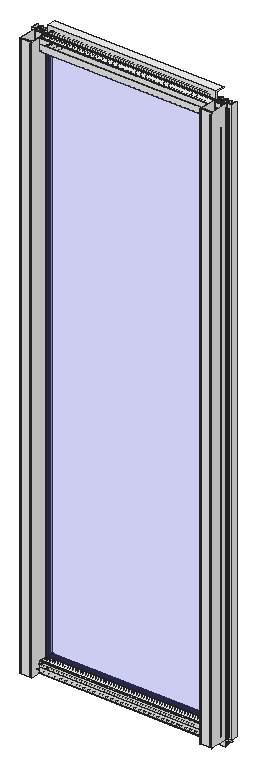
Revit family "Facade_60_Curtain_Wall_S11_Custom", category Windows, host Wall, Revit 2014
Parameters (values of type "F60-S11-Custom")
  Windload Design [instance] = if(Custom Windload < 1001 mm, 1000 mm, if(Custom Windload < 1501 mm, 1500 mm, 2000 mm))  # 1000 mm
  Width [instance] = if(Custom Curtain Wall Width < Limit Door Width Min, Limit Door Width Min, if(Custom Curtain Wall Width > Limit Door Width Max, Limit Door Width Max, Custom Curtain Wall Width))  # 1000 mm
  Wall Thickness [instance] = 200 mm
  Vertical Profile Length [instance] = Height - Frame Bottom Gap  # 2970 mm
  URL = "http://www.crealco.co.za/crealco-products.php"
  Type Comments = ""
  Thermal Resistance (R) [instance] = if(IGDB or SAGDB Number = 100100, 1.0000 (m²·K)/W / Intruderprufe U Value, if(IGDB or SAGDB Number = 100100, 1.0000 (m²·K)/W / Intruderprufe U Value, if(IGDB or SAGDB Number = 105003, 1.0000 (m²·K)/W / Intruderprufe Insulated U Value, if(IGDB or SAGDB Number = 105004, 1.0000 (m²·K)/W / Intruderprufe Insulated LowE U Value, 1.0000 (m²·K)/W / 7.9)))) * 1  # 0.126582 (m²·K)/W
  Thermal Break Material = Plastic, Opaque Black
  Solar Heat Gain Coefficient [instance] = if(IGDB or SAGDB Number = 100100, Intruderprufe SHGC Value, if(IGDB or SAGDB Number = 103200, Intruderprufe LowE SHGC Value, if(IGDB or SAGDB Number = 105003, Intruderprufe Insulated SHGC Value, if(IGDB or SAGDB Number = 105004, Intruderprufe Insulated LowE SHGC Value, 0))))  # 0
  Single Glazing [instance] = if(DG Forced, 1 = 0, not(Double Glazing))  # yes
  Sill Height = 85 mm  # constant formula
  SG Forced [instance] = not(DG Forced)  # yes
  Quarter Expansion Break = no
  Overall Width [instance] = 1000 mm
  Overall Height [instance] = 3000 mm
  Mullion Configuration = 1 mm
  Model = "Facade 60"
  Max System DG Unit Thickness = 25 mm  # constant formula
  Max System DG One Piece Thickness [instance] = rounddown((Max System DG Unit Thickness - DG Gasket Thickness) / 2 mm) * 1 mm  # 6 mm
  Max Pane Area [instance] = Glazing Width * Glazing Height  # 2.66032 m²
  Manufacturer = "Crealco"
  Limit Door Width Min = Limit Panel Width Min + (2 * Glazing Side Gap)  # 379.6 mm
  Limit Door Width Max = Limit Panel Width Max + (2 * Glazing Side Gap)  # 3079.6 mm
  Limit Door Height Min = Limit Panel Height Min + Glazing Top Gap + Glazing Bottom Gap  # 409.6 mm
  Limit Door Height Max = Limit Panel Height Max + Glazing Top Gap + Glazing Bottom Gap  # 6109.6 mm
  Limit Panel Width Min = 300 mm  # constant formula
  Limit Panel Width Max = 3000 mm  # constant formula
  Limit Panel Height Min = 300 mm  # constant formula
  Limit Panel Height Max = 6000 mm  # constant formula
  Sill Length [instance] = Width  # 1000 mm
  Length Sill [instance] = Width  # 1000 mm
  Keynote = ""
  Jamb Width = 60 mm  # constant formula
  Intruderprufe U Value = 0
  Intruderprufe SHGC Value = 0
  Intruderprufe LowE U Value = 0
  Intruderprufe LowE SHGC Value = 0
  Intruderprufe Insulated U Value = 0
  Intruderprufe Insulated SHGC Value = 0
  Intruderprufe Insulated LowE U Value = 0
  Intruderprufe Insulated LowE SHGC Value = 0
  Horizontal Profile Length [instance] = Width - (2 * Jamb Width)  # 880 mm
  Half Expansion Break = no
  Glazing Width [instance] = Horizontal Profile Length + (2 mm * 20.2)  # 920.4 mm
  Glazing Top Gap = 39.8 mm  # constant formula
  Glazing Side Gap = 39.8 mm  # constant formula
  Glazing Height [instance] = Height - Glazing Top Gap - Glazing Bottom Gap  # 2890.4 mm
  Glazing Gap SG [instance] = (14 mm - SG Thickness) / 2  # 3.8 mm
  Glazing Gap DG [instance] = (28 mm - (DG Thickness + DG Thickness + DG Gasket Thickness)) / 2  # 3 mm
  Glazing Bottom Gap = 69.8 mm  # constant formula
  Frame Thickness = 101.8 mm  # constant formula
  Frame Bottom Gap = 30 mm  # constant formula
  Door Leaf Height [instance] = 2050 mm
  Double Glazing [instance] = no
  DG Thickness Calc [instance] = if(not(Max Pane Area > 1.125 m²), 4 mm, if(not(Max Pane Area > 2.25 m²), 4 mm, if(not(Max Pane Area > 3.15 m²), 5 mm, if(not(Max Pane Area > 4.35 m²), 6 mm, if(not(Max Pane Area > 6.45 m²), 8 mm, 10 mm)))))  # 5 mm
  DG Thickness [instance] = if(IGDB or SAGDB Number = 105003, 6 mm, if(IGDB or SAGDB Number = 105004, 7 mm, if(DG Thickness Calc > Max System DG One Piece Thickness, Max System DG One Piece Thickness, DG Thickness Calc)))  # 5 mm
  DG Gasket Thickness = 12 mm  # constant formula
  DG Gasket Finish [instance] = Double Glazing Gasket Material
  DG Forced [instance] = if(IGDB or SAGDB Number = 100100, 1 = 0, if(IGDB or SAGDB Number = 103200, 1 = 0, if(IGDB or SAGDB Number = 105003, 1 = 1, if(IGDB or SAGDB Number = 105004, 1 = 1, Double Glazing))))  # no
  IGDB or SAGDB Number [instance] = 0
  Height [instance] = if(Custom Curtain Wall Height < Limit Door Height Min, Limit Door Height Min, if(Custom Curtain Wall Height > Limit Door Height Max, Limit Door Height Max, Custom Curtain Wall Height))  # 3000 mm
  Heat Transfer Coefficient (U) [instance] = if(IGDB or SAGDB Number = 100100, Intruderprufe U Value, if(IGDB or SAGDB Number = 103200, Intruderprufe LowE U Value, if(IGDB or SAGDB Number = 105003, Intruderprufe Insulated U Value, if(IGDB or SAGDB Number = 105004, Intruderprufe Insulated LowE U Value, 7.9)))) * 1.0000 W/(m²·K)  # 7.9000 W/(m²·K)
  SG Thickness [instance] = if(IGDB or SAGDB Number = 100100, 6 mm, if(IGDB or SAGDB Number = 103200, 7 mm, if(not(Max Pane Area > 0.75 m²), 4 mm, if(not(Max Pane Area > 1.50 m²), 4 mm, if(not(Max Pane Area > 2.10 m²), 5 mm, if(not(Max Pane Area > 2.90 m²), 6.4 mm, if(not(Max Pane Area > 4.30 m²), 8 mm, 10 mm)))))))  # 6.4 mm
  Glazing Material [instance] = if(IGDB or SAGDB Number = 100100, "PFG INTRUDERPRUFE 6.38mm", if(IGDB or SAGDB Number = 103200, "PFG INTRUDERPRUFE LOW-E 7.38mm", if(IGDB or SAGDB Number = 105003, "PFG 25mm INTRUDERPRUFE INSULATED GLASS", if(IGDB or SAGDB Number = 105004, "PFG 25mm INTRUDERPRUFE INSULATED GLASS LOW-E", "Unknown"))))  # "Unknown"
  Glazing Finish [instance] = Glass
  Glazing Code [instance] = if(IGDB or SAGDB Number = 100100, "LAM01", if(IGDB or SAGDB Number = 103200, "LAM01E", if(IGDB or SAGDB Number = 105003, "IGU25", if(IGDB or SAGDB Number = 105004, "IGU25E", "Unknown"))))  # "Unknown"
  Frame Offset From Exterior [instance] = if(Centered In Wall, (Wall Thickness - Frame Thickness) / 2, Custom Offset From Exterior) + 5.9 mm  # 55 mm
  Description = "Curtain Wall, S11"
  Default Sill Height = 0 mm
  Wall Closure = By host
  Custom Curtain Wall Width [instance] = 1000 mm
  Custom Curtain Wall Height [instance] = 3000 mm
  Custom Windload [instance] = 1000 mm
  Custom Offset From Exterior [instance] = 0 mm
  Centered In Wall [instance] = yes
  Aluminium Finish [instance] = White Powder Coated Aluminium ANP 1052
  All Available Glazing Numbers [instance] = "The rows below list the available glazing materials for this window:"  # constant formula
  190mm Mullion = if(Mullion Configuration = 3 mm, 1 = 1, 1 = 0)  # no
  160mm Mullion = if(Mullion Configuration = 2 mm, 1 = 1, 1 = 0)  # no
  105004 [instance] = "IGU25E"  # constant formula
  105003 [instance] = "IGU25"  # constant formula
  103200 [instance] = "LAM01E"  # constant formula
  100mm Mullion = if(or(Mullion Configuration = 2 mm, Mullion Configuration = 3 mm), 1 = 0, 1 = 1)  # yes
  100100 [instance] = "LAM01"  # constant formula
Reference planes
  plane 1 "Center (Front/Back)": y = 0
  plane 2 "Center (Left/Right)": x = 0
  plane 3 "Left": x = -500
  plane 4 "Right": x = 500
  plane 5 "Sill": z = 0
  plane 6 "Head": z = 3000
  plane 7 "Exterior": y = 100
  plane 8 "Interior": y = -100
Lines and regions (mm)
  Opening 1
    outline origin (3507.082, -100, 0) x (1, 0, 0) y (0, 0, 1)
      loop
        line (-3007.082, 0) -> (-3007.082, 3000) -> (-4007.082, 3000) -> (-4007.082, 0) -> (-3007.082, 0)
Text (mm)
  text "EXTERIOR" at (-1963.203, 1332.353, 0), in view "Ref. Level"
  text "INTERIOR" at (-1981.466, -818.386, 0), in view "Ref. Level"
  text "Exterior" at (0, 923.751, 2943.296), in view "Right"
  text "Exterior" at (0, 1040.484, 2685.409), in view "Left"
Dimensions and locks
  equal spacing: plane 3 "Left", plane 2 "Center (Left/Right)", plane 4 "Right"
  "Width": plane 3 "Left" to plane 4 "Right"
  "Height": plane 5 "Sill" to plane 6 "Head"
  "Default Sill Height": plane 5 "Sill" to level
  locked: plane 7 "Exterior" to host wall at 0
  locked: plane 8 "Interior" to host wall
  "Overall Height": plane 6 "Head" to plane 5 "Sill"
  "Overall Width": plane 3 "Left" to plane 4 "Right"
  "Wall Thickness": host wall to host wall
  "Jamb Width": nested 3 to plane 4 "Right"
  "Jamb Width": nested 5 to plane 4 "Right"
  "Frame Bottom Gap": nested 5 to level
  "Frame Offset From Exterior": nested 1 to plane 7 "Exterior"
  "Glazing Side Gap": nested 6 to plane 4 "Right"
  "Glazing Top Gap": nested 6 to plane 6 "Head"
  "Glazing Gap SG": nested 6 to nested 1
  "Glazing Side Gap": nested 7 to plane 4 "Right"
  "Glazing Top Gap": nested 7 to plane 6 "Head"
  "Glazing Gap DG": nested 7 to nested 1
  locked: nested 1 to nested 5 at 8.887
  aligned and locked: plane 4 "Right" to nested 1
  aligned and locked: nested 1 to plane 6 "Head"
  aligned and locked: plane 3 "Left" to nested 2
  aligned and locked: plane 6 "Head" to nested 2
  aligned and locked: nested 3 to plane 6 "Head"
  aligned and locked: nested 1 to nested 3
  aligned and locked: nested 4 to level
  aligned and locked: plane 4 "Right" to nested 4
  aligned and locked: nested 1 to nested 2
  aligned and locked: nested 5 to nested 4
Automatic sketch dimensions
  plane 3 "Left" to Opening 1 sketch curve = 0 mm
  plane 4 "Right" to Opening 1 sketch curve = 0 mm
  Opening 1 sketch curve to plane 5 "Sill" = 0 mm
  Opening 1 sketch curve to plane 6 "Head" = 0 mm
Nested families
  nested 1: "F60 Vertical Profile Side_S11_Cust" at (500, -1.058, 30) x (-1, 0, 0) z (0, 0, 1), Thermal Break Material <- "Thermal Break Material", Profile Material <- "Aluminium Finish", Length <- "Vertical Profile Length", Single Glazing <- "SG Forced", Double Glazing <- "DG Forced", 100mm Mullion <- "100mm Mullion", 160mm Mullion <- "160mm Mullion", 190mm Mullion <- "190mm Mullion", Quarter Expansion Break <- "Quarter Expansion Break", Half Expansion Break <- "Half Expansion Break", type "F60 Vertical Profile Side_S11_Cust"
    with Thermal Break Material Plastic, Opaque Black, Single Glazing yes, Quarter SG Expansion Break no, Quarter Length 742.5 mm, Quarter Expansion Break no, Quarter DG Expansion Break no, Quarter 190mm Expansion Break no, Quarter 160mm Expansion Break no, Quarter 100mm Expansion Break no, Profile Material White Powder Coated Aluminium ANP 1052, Length 2970 mm, Half SG Expansion Break no, Half Length 1485 mm, Half Expansion Break no, Half DG Expansion Break no, Half 190mm Expansion Joint no, Half 160mm Expansion Break no, Half 100mm Expansion Break no, Double Glazing no, 190mm Mullion no, 160mm Mullion no, 100mm Mullion yes
  nested 2: "F60 Vertical Profile Side_S11_Cust" at (-500, -1.058, 30), Thermal Break Material <- "Thermal Break Material", Profile Material <- "Aluminium Finish", Length <- "Vertical Profile Length", Single Glazing <- "SG Forced", Double Glazing <- "DG Forced", 100mm Mullion <- "100mm Mullion", 160mm Mullion <- "160mm Mullion", 190mm Mullion <- "190mm Mullion", Quarter Expansion Break <- "Quarter Expansion Break", Half Expansion Break <- "Half Expansion Break", type "F60 Vertical Profile Side_S11_Cust"
    with Thermal Break Material Plastic, Opaque Black, Single Glazing yes, Quarter SG Expansion Break no, Quarter Length 742.5 mm, Quarter Expansion Break no, Quarter DG Expansion Break no, Quarter 190mm Expansion Break no, Quarter 160mm Expansion Break no, Quarter 100mm Expansion Break no, Profile Material White Powder Coated Aluminium ANP 1052, Length 2970 mm, Half SG Expansion Break no, Half Length 1485 mm, Half Expansion Break no, Half DG Expansion Break no, Half 190mm Expansion Joint no, Half 160mm Expansion Break no, Half 100mm Expansion Break no, Double Glazing no, 190mm Mullion no, 160mm Mullion no, 100mm Mullion yes
  nested 3: "F60 Horizontal Profile Top_S11_Cust" at (440, -50.858, 2940) x (-1, 0, 0) z (0, 0, 1), Thermal Break Material <- "Thermal Break Material", Profile Material <- "Aluminium Finish", Length <- "Horizontal Profile Length", Single Glazing <- "SG Forced", Double Glazing <- "DG Forced", type "F60 Horizontal Profile Top_S11_Cust"
    with Thermal Break Material Plastic, Opaque Black, Single Glazing yes, Profile Material White Powder Coated Aluminium ANP 1052, Length 880 mm, Double Glazing no
  nested 4: "F60 Sill_S11_Cust" at (500, -13.486, -1.88) x (-1, 0, 0) z (0, 0, 1), Profile Material <- "Aluminium Finish", Length Sill <- "Length Sill", type "F60 Sill_S11_Cust"
    with Profile Material White Powder Coated Aluminium ANP 1052, Length Sill 1000 mm
  nested 5: "F60 Horizontal Profile Bottom_S11_Cust" at (440, -50.858, 30) x (-1, 0, 0) z (0, 0, 1), Thermal Break Material <- "Thermal Break Material", Profile Material <- "Aluminium Finish", Length <- "Horizontal Profile Length", Single Glazing <- "SG Forced", Double Glazing <- "DG Forced", type "F60 Horizontal Profile Bottom_S11_Cust"
    with Thermal Break Material Plastic, Opaque Black, Single Glazing yes, Profile Material White Powder Coated Aluminium ANP 1052, Length 880 mm, Double Glazing no
  nested 6: "F60_Single_Glazing_S11_Cust" at (460.2, 9.142, 69.8), Glazing Width <- "Glazing Width", Glazing Height <- "Glazing Height", SG Thickness <- "SG Thickness", Glazing Finish <- "Glazing Finish", visible <- "SG Forced", type "F60_Single_Glazing_S11_Cust"
    with SG Thickness 6.4 mm, Glazing Width 920.4 mm, Glazing Height 2890.4 mm, Glazing Finish Glass
  nested 7: "F60_Double_Glazing_S11_Cust" at (460.2, 23.942, 69.8), Glazing Material <- "Glazing Finish", Double Glazing Gasket Material <- "DG Gasket Finish", Glazing Width <- "Glazing Width", Glazing Height <- "Glazing Height", Glazing Thickness DG <- "DG Thickness", Double Glazing Gasket Thickness <- "DG Gasket Thickness", visible <- "DG Forced", type "F60_Double_Glazing_S11_Cust"
    with Glazing Width 920.4 mm, Glazing Thickness DG 5 mm, Glazing Material Glass, Glazing Height 2890.4 mm, Double Glazing Gasket Thickness 12 mm, Double Glazing Gasket Material Double Glazing Gasket Material
Definition of nested family "F60 Vertical Profile Side_S11_Cust"
  Parameters (values of type "F60 Vertical Profile Side")
    Quarter SG Expansion Break [instance] = if(and(Quarter Expansion Break, Single Glazing), 1 = 1, 1 = 0)  # yes
    Quarter Length [instance] = Length / 4  # 62.5 mm
    Thermal Break Material [instance] = none
    Single Glazing [instance] = yes
    Quarter Expansion Break [instance] = yes
    Quarter DG Expansion Break [instance] = if(and(Quarter Expansion Break, Double Glazing), 1 = 1, 1 = 0)  # yes
    Quarter 190mm Expansion Break [instance] = if(and(Quarter Expansion Break, [190mm Mullion]), 1 = 1, 1 = 0)  # yes
    Quarter 160mm Expansion Break [instance] = if(and(Quarter Expansion Break, [160mm Mullion]), 1 = 1, 1 = 0)  # yes
    Quarter 100mm Expansion Break [instance] = if(and(Quarter Expansion Break, [100mm Mullion]), 1 = 1, 1 = 0)  # yes
    Profile Material [instance] = none
    Length [instance] = 250 mm
    Half SG Expansion Break [instance] = if(and(Half Expansion Break, Single Glazing), 1 = 1, 1 = 0)  # yes
    Half Length [instance] = Length / 2  # 125 mm
    Half Expansion Break [instance] = yes
    Half DG Expansion Break [instance] = if(and(Half Expansion Break, Double Glazing), 1 = 1, 1 = 0)  # yes
    Half 190mm Expansion Joint [instance] = if(and(Half Expansion Break, [190mm Mullion]), 1 = 1, 1 = 0)  # yes
    Half 160mm Expansion Break [instance] = if(and(Half Expansion Break, [160mm Mullion]), 1 = 1, 1 = 0)  # yes
    Half 100mm Expansion Break [instance] = if(and(Half Expansion Break, [100mm Mullion]), 1 = 1, 1 = 0)  # yes
    Double Glazing [instance] = yes
    190mm Mullion [instance] = yes
    160mm Mullion [instance] = yes
    100mm Mullion [instance] = yes
  Reference planes
    plane 1 "Center (Front/Back)": y = 0
    plane 2: z = 0
    plane 3 "Center (Left/Right)": x = 0
  Forms (mm)
    Extrusion 1, solid, material <- "Profile Material"
      sketch origin (0, 0, 0) x (1, 0, 0) y (0, 1, 0)
        loop
          arc (25.249, -8.7) -> (25.484, -9.266) -> (26.049, -9.5) r 0.8
          line (26.049, -9.5) -> (27.1, -9.5) -> (27.1, 7) -> (32.902, 7) -> (32.902, -9.5) -> (33.951, -9.5)
          arc (33.951, -9.5) -> (34.516, -9.266) -> (34.751, -8.7) r 0.8
          line (34.751, -8.7) -> (34.751, 6.2)
          arc (34.751, 6.2) -> (34.985, 6.766) -> (35.551, 7) r 0.8
          line (35.551, 7) -> (52.1, 7) -> (52.1, 5.4) -> (50.55, 5.4) -> (50.55, 4.55)
          arc (50.55, 4.55) -> (50.726, 4.126) -> (51.15, 3.95) r 0.6
          line (51.15, 3.95) -> (52.1, 3.95) -> (52.1, 1)
          arc (52.1, 1) -> (51.6, 0.5) -> (52.1, 0) r 0.5
          line (52.1, 0) -> (54.45, 0) -> (54.45, 1.15) -> (53.3, 1.15) -> (53.3, 2.45) -> (58.8, 2.45) -> (58.8, 1.15) -> (57.65, 1.15) -> (57.65, 0) -> (59.5, 0)
          arc (59.5, 0) -> (59.854, 0.146) -> (60, 0.5) r 0.5
          line (60, 0.5) -> (60, 3.9) -> (53.55, 3.9) -> (53.55, 7.6)
          arc (53.55, 7.6) -> (53.316, 8.166) -> (52.75, 8.4) r 0.8
          line (52.75, 8.4) -> (30, 8.4) -> (7.25, 8.4)
          arc (7.25, 8.4) -> (6.684, 8.166) -> (6.45, 7.6) r 0.8
          line (6.45, 7.6) -> (6.45, 3.9) -> (0, 3.9) -> (0, 0.5)
          arc (0, 0.5) -> (0.146, 0.146) -> (0.5, 0) r 0.5
          line (0.5, 0) -> (2.35, 0) -> (2.35, 1.15) -> (1.2, 1.15) -> (1.2, 2.45) -> (6.7, 2.45) -> (6.7, 1.15) -> (5.55, 1.15) -> (5.55, 0) -> (7.9, 0)
          arc (7.9, 0) -> (8.4, 0.5) -> (7.9, 1) r 0.5
          line (7.9, 1) -> (7.9, 3.95) -> (8.85, 3.95)
          arc (8.85, 3.95) -> (9.274, 4.126) -> (9.45, 4.55) r 0.6
          line (9.45, 4.55) -> (9.45, 5.4) -> (7.9, 5.4) -> (7.9, 7) -> (24.449, 7)
          arc (24.449, 7) -> (25.015, 6.766) -> (25.249, 6.2) r 0.8
          line (25.249, 6.2) -> (25.249, -8.7)
      from 0 to 250 <- "Length"
    Extrusion 2, solid, material <- "Thermal Break Material"
      sketch origin (0, 0, 0) x (1, 0, 0) y (0, 1, 0)
        loop
          line (1.75, 9.8) -> (1.75, 5.2) -> (0, 5.2) -> (0, 3.9) -> (6.35, 3.9) -> (6.35, 7.856)
          arc (6.35, 7.856) -> (6.526, 8.281) -> (6.95, 8.456) r 0.6
          line (6.95, 8.456) -> (30, 8.456) -> (53.05, 8.456)
          arc (53.05, 8.456) -> (53.474, 8.281) -> (53.65, 7.856) r 0.6
          line (53.65, 7.856) -> (53.65, 3.9) -> (60, 3.9) -> (60, 5.2) -> (58.25, 5.2) -> (58.25, 9.8) -> (30, 9.8) -> (1.75, 9.8)
      from 0 to 250 <- "Length"
    Extrusion 3, solid, material <- "Thermal Break Material", visible <- "Single Glazing"
      sketch origin (0, 0, 0) x (1, 0, 0) y (0, 1, 0)
        loop
          line (25.749, -14.011) -> (27.672, -14.011) -> (28.481, -12.611) -> (31.518, -12.611) -> (32.327, -14.011) -> (34.249, -14.011)
          arc (34.249, -14.011) -> (34.603, -13.864) -> (34.749, -13.511) r 0.5
          line (34.749, -13.511) -> (34.749, -10.011)
          arc (34.749, -10.011) -> (34.603, -9.657) -> (34.249, -9.511) r 0.5
          line (34.249, -9.511) -> (32.352, -9.511) -> (32.352, 0.19) -> (31.349, 2.261)
          arc (31.349, 2.261) -> (29.999, 2.986) -> (28.649, 2.261) r 1.62
          line (28.649, 2.261) -> (27.647, 0.19) -> (27.647, -9.511) -> (25.749, -9.511)
          arc (25.749, -9.511) -> (25.396, -9.657) -> (25.249, -10.011) r 0.5
          line (25.249, -10.011) -> (25.249, -13.511)
          arc (25.249, -13.511) -> (25.396, -13.864) -> (25.749, -14.011) r 0.5
        loop
          line (28.504, -10.005) -> (28.504, -10.861)
          arc (28.504, -10.861) -> (28.651, -11.214) -> (29.004, -11.361) r 0.5
          line (29.004, -11.361) -> (30.994, -11.361)
          arc (30.994, -11.361) -> (31.348, -11.214) -> (31.494, -10.861) r 0.5
          line (31.494, -10.861) -> (31.494, -10.005) -> (30.708, -9.219)
          arc (30.708, -9.219) -> (30.383, -9.001) -> (29.999, -8.924) r 1.007
          arc (29.999, -8.924) -> (29.616, -8.999) -> (29.292, -9.217) r 0.986
          line (29.292, -9.217) -> (28.504, -10.005)
        loop
          arc (30.896, 1.935) -> (29.887, 2.44) -> (29.005, 1.735) r 1.047
          line (29.005, 1.735) -> (28.347, 0.374) -> (28.347, -6.993)
          arc (28.347, -6.993) -> (28.583, -7.417) -> (29.068, -7.441) r 0.5
          arc (29.068, -7.441) -> (29.999, -7.223) -> (30.93, -7.441) r 2.099
          arc (30.93, -7.441) -> (31.416, -7.417) -> (31.652, -6.993) r 0.5
          line (31.652, -6.993) -> (31.652, 0.374) -> (30.896, 1.935)
      from 0 to 250 <- "Length"
    Extrusion 4, solid, material <- "Profile Material", visible <- "Single Glazing"
      sketch origin (0, 0, 0) x (1, 0, 0) y (0, 1, 0)
        loop
          line (52.693, -14.011) -> (32.327, -14.011) -> (31.519, -12.611) -> (28.481, -12.611) -> (27.673, -14.011) -> (7.307, -14.011) -> (7.307, -15.011) -> (8.457, -15.011) -> (8.457, -16.261) -> (2.957, -16.261) -> (2.957, -15.011) -> (4.107, -15.011) -> (4.107, -14.011) -> (1.707, -14.011)
          arc (1.707, -14.011) -> (1.199, -14.293) -> (1.168, -14.873) r 0.6
          line (1.168, -14.873) -> (2.093, -16.772) -> (1.015, -17.298) -> (1.484, -18.261) -> (11.488, -18.261)
          arc (11.488, -18.261) -> (11.913, -18.085) -> (12.088, -17.661) r 0.6
          line (12.088, -17.661) -> (12.088, -16.811) -> (47.912, -16.811) -> (47.912, -17.661)
          arc (47.912, -17.661) -> (48.088, -18.085) -> (48.512, -18.261) r 0.6
          line (48.512, -18.261) -> (58.518, -18.261) -> (58.987, -17.298) -> (57.908, -16.772) -> (58.834, -14.874)
          arc (58.834, -14.874) -> (58.802, -14.293) -> (58.293, -14.011) r 0.6
          line (58.293, -14.011) -> (55.893, -14.011) -> (55.893, -15.011) -> (57.043, -15.011) -> (57.043, -16.261) -> (51.543, -16.261) -> (51.543, -15.011) -> (52.693, -15.011) -> (52.693, -14.011)
      from 0 to 250 <- "Length"
    Extrusion 5, solid, material <- "Profile Material", visible <- "Single Glazing"
      sketch origin (0, 0, 0) x (1, 0, 0) y (0, 1, 0)
        loop
          line (2.801, -18.261) -> (1.484, -18.261) -> (1.015, -17.298) -> (2.093, -16.772) -> (0.779, -14.076)
          arc (0.779, -14.076) -> (0.239, -14.21) -> (0.001, -14.713) r 0.65
          line (0.001, -14.713) -> (0.001, -28.068)
          arc (0.001, -28.068) -> (1.172, -30.897) -> (4.001, -32.068) r 4
          line (4.001, -32.068) -> (30.001, -32.068) -> (56.001, -32.068)
          arc (56.001, -32.068) -> (58.829, -30.897) -> (60.001, -28.068) r 4
          line (60.001, -28.068) -> (60.001, -14.713)
          arc (60.001, -14.713) -> (59.763, -14.21) -> (59.223, -14.076) r 0.65
          line (59.223, -14.076) -> (57.908, -16.772) -> (58.987, -17.298) -> (58.518, -18.261) -> (57.201, -18.261)
          arc (57.201, -18.261) -> (56.83, -18.425) -> (56.703, -18.811) r 0.5
          arc (56.703, -18.811) -> (56.83, -19.196) -> (57.201, -19.361) r 0.5
          line (57.201, -19.361) -> (58.951, -19.361) -> (58.951, -27.968)
          arc (58.951, -27.968) -> (58.131, -29.948) -> (56.151, -30.768) r 2.8
          line (56.151, -30.768) -> (30.001, -30.768) -> (3.851, -30.768)
          arc (3.851, -30.768) -> (1.871, -29.948) -> (1.051, -27.968) r 2.8
          line (1.051, -27.968) -> (1.051, -19.361) -> (2.801, -19.361)
          arc (2.801, -19.361) -> (3.172, -19.196) -> (3.298, -18.811) r 0.5
          arc (3.298, -18.811) -> (3.172, -18.425) -> (2.801, -18.261) r 0.5
      from 0 to 250 <- "Length"
    Extrusion 6, solid, material <- "Profile Material", visible <- "100mm Mullion"
      sketch origin (0, 0, 0) x (1, 0, 0) y (0, 1, 0)
        loop
          line (14.02, 13) -> (45.98, 13)
          arc (45.98, 13) -> (46.539, 12.842) -> (46.917, 12.4) r 1
          arc (46.917, 12.4) -> (47.285, 11.963) -> (47.833, 11.8) r 1
          line (47.833, 11.8) -> (58.15, 11.8) -> (58.15, 96.3) -> (47.833, 96.3)
          arc (47.833, 96.3) -> (47.285, 96.137) -> (46.917, 95.7) r 1
          arc (46.917, 95.7) -> (46.548, 95.263) -> (46, 95.1) r 1
          line (46, 95.1) -> (14, 95.1)
          arc (14, 95.1) -> (13.452, 95.263) -> (13.083, 95.7) r 1
          arc (13.083, 95.7) -> (12.715, 96.137) -> (12.167, 96.3) r 1
          line (12.167, 96.3) -> (1.85, 96.3) -> (1.85, 11.8) -> (12.167, 11.8)
          arc (12.167, 11.8) -> (12.715, 11.963) -> (13.083, 12.4) r 1
          arc (13.083, 12.4) -> (13.461, 12.842) -> (14.02, 13) r 1
        loop
          line (1.65, 9.856) -> (58.35, 9.856) -> (58.35, 5.2) -> (60, 5.2) -> (60, 98.8)
          arc (60, 98.8) -> (59.707, 99.507) -> (59, 99.8) r 1
          line (59, 99.8) -> (1, 99.8)
          arc (1, 99.8) -> (0.293, 99.507) -> (0, 98.8) r 1
          line (0, 98.8) -> (0, 5.2) -> (1.65, 5.2) -> (1.65, 9.856)
      from 0 to 250 <- "Length"
    Extrusion 7, solid, material <- "Profile Material", visible <- "160mm Mullion"
      sketch origin (0, 0, 0) x (1, 0, 0) y (0, 1, 0)
        loop
          arc (2.35, 15.6) -> (2.526, 15.176) -> (2.95, 15) r 0.6
          line (2.95, 15) -> (57.05, 15)
          arc (57.05, 15) -> (57.474, 15.176) -> (57.65, 15.6) r 0.6
          line (57.65, 15.6) -> (57.65, 153.7)
          arc (57.65, 153.7) -> (57.474, 154.124) -> (57.05, 154.3) r 0.6
          line (57.05, 154.3) -> (47.833, 154.3)
          arc (47.833, 154.3) -> (47.285, 154.137) -> (46.917, 153.7) r 1
          arc (46.917, 153.7) -> (46.548, 153.263) -> (46, 153.1) r 1
          line (46, 153.1) -> (14, 153.1)
          arc (14, 153.1) -> (13.452, 153.263) -> (13.083, 153.7) r 1
          arc (13.083, 153.7) -> (12.715, 154.137) -> (12.167, 154.3) r 1
          line (12.167, 154.3) -> (2.95, 154.3)
          arc (2.95, 154.3) -> (2.526, 154.124) -> (2.35, 153.7) r 0.6
          line (2.35, 153.7) -> (2.35, 15.6)
        loop
          arc (1, 159.8) -> (0.293, 159.507) -> (0, 158.8) r 1
          line (0, 158.8) -> (0, 5.2) -> (1.65, 5.2) -> (1.65, 10.013) -> (58.35, 10.013) -> (58.35, 5.2) -> (60, 5.2) -> (60, 158.8)
          arc (60, 158.8) -> (59.707, 159.507) -> (59, 159.8) r 1
          line (59, 159.8) -> (1, 159.8)
      from 0 to 250 <- "Length"
    Extrusion 8, solid, material <- "Profile Material", visible <- "190mm Mullion"
      sketch origin (0, 0, 0) x (1, 0, 0) y (0, 1, 0)
        loop
          line (57.25, 15.1) -> (57.25, 178.3)
          arc (57.25, 178.3) -> (56.957, 179.007) -> (56.25, 179.3) r 1
          line (56.25, 179.3) -> (3.75, 179.3)
          arc (3.75, 179.3) -> (3.043, 179.007) -> (2.75, 178.3) r 1
          line (2.75, 178.3) -> (2.75, 15.1)
          arc (2.75, 15.1) -> (2.984, 14.534) -> (3.55, 14.3) r 0.8
          line (3.55, 14.3) -> (56.45, 14.3)
          arc (56.45, 14.3) -> (57.016, 14.534) -> (57.25, 15.1) r 0.8
        loop
          line (60, 5.2) -> (60, 188.8)
          arc (60, 188.8) -> (59.707, 189.507) -> (59, 189.8) r 1
          line (59, 189.8) -> (1, 189.8)
          arc (1, 189.8) -> (0.293, 189.507) -> (0, 188.8) r 1
          line (0, 188.8) -> (0, 5.2) -> (1.65, 5.2) -> (1.65, 9.856) -> (58.35, 9.856) -> (58.35, 5.2) -> (60, 5.2)
      from 0 to 250 <- "Length"
    Extrusion 9, solid, material <- "Thermal Break Material", visible <- "Double Glazing"
      sketch origin (0, 0, 0) x (1, 0, 0) y (0, 1, 0)
        loop
          line (27.672, -28) -> (28.48, -26.6) -> (31.518, -26.6) -> (32.326, -28) -> (34.249, -28)
          arc (34.249, -28) -> (34.603, -27.854) -> (34.749, -27.5) r 0.5
          line (34.749, -27.5) -> (34.749, -10)
          arc (34.749, -10) -> (34.603, -9.646) -> (34.249, -9.5) r 0.5
          line (34.249, -9.5) -> (32.352, -9.5) -> (32.352, 0.198) -> (31.348, 2.272)
          arc (31.348, 2.272) -> (29.998, 2.997) -> (28.648, 2.272) r 1.62
          line (28.648, 2.272) -> (27.645, 0.201) -> (27.645, -9.5) -> (25.749, -9.5)
          arc (25.749, -9.5) -> (25.396, -9.646) -> (25.249, -10) r 0.5
          line (25.249, -10) -> (25.249, -27.5)
          arc (25.249, -27.5) -> (25.396, -27.854) -> (25.749, -28) r 0.5
          line (25.749, -28) -> (27.672, -28)
        loop
          arc (30.706, -9.206) -> (30.382, -8.99) -> (29.999, -8.913) r 1.007
          arc (29.999, -8.913) -> (29.616, -8.988) -> (29.292, -9.206) r 0.986
          line (29.292, -9.206) -> (27.142, -11.356)
          arc (27.142, -11.356) -> (26.926, -11.68) -> (26.849, -12.063) r 1
          line (26.849, -12.063) -> (26.849, -24)
          arc (26.849, -24) -> (27.142, -24.707) -> (27.849, -25) r 1
          line (27.849, -25) -> (32.149, -25)
          arc (32.149, -25) -> (32.856, -24.707) -> (33.149, -24) r 1
          line (33.149, -24) -> (33.149, -12.063)
          arc (33.149, -12.063) -> (33.073, -11.68) -> (32.856, -11.356) r 1
          line (32.856, -11.356) -> (30.706, -9.206)
        loop
          arc (28.345, -6.982) -> (28.581, -7.407) -> (29.067, -7.43) r 0.5
          arc (29.067, -7.43) -> (29.998, -7.213) -> (30.929, -7.43) r 2.099
          arc (30.929, -7.43) -> (31.414, -7.407) -> (31.651, -6.982) r 0.5
          line (31.651, -6.982) -> (31.651, 0.385) -> (30.895, 1.946)
          arc (30.895, 1.946) -> (29.885, 2.45) -> (29.004, 1.745) r 1.047
          line (29.004, 1.745) -> (28.345, 0.385) -> (28.345, -6.982)
      from 0 to 250 <- "Length"
    Extrusion 10, solid, material <- "Profile Material", visible <- "Double Glazing"
      sketch origin (0, 0, 0) x (1, 0, 0) y (0, 1, 0)
        loop
          line (52.692, -28) -> (32.327, -28) -> (31.518, -26.6) -> (28.48, -26.6) -> (27.672, -28) -> (7.306, -28) -> (7.306, -29) -> (8.456, -29) -> (8.456, -30.25) -> (2.956, -30.25) -> (2.956, -29) -> (4.106, -29) -> (4.106, -28) -> (1.706, -28)
          arc (1.706, -28) -> (1.198, -28.282) -> (1.167, -28.863) r 0.6
          line (1.167, -28.863) -> (2.093, -30.762) -> (1.014, -31.288) -> (1.483, -32.25) -> (11.488, -32.25)
          arc (11.488, -32.25) -> (11.912, -32.074) -> (12.088, -31.65) r 0.6
          line (12.088, -31.65) -> (12.088, -30.8) -> (47.911, -30.8) -> (47.911, -31.65)
          arc (47.911, -31.65) -> (48.087, -32.074) -> (48.511, -32.25) r 0.6
          line (48.511, -32.25) -> (58.517, -32.25) -> (58.986, -31.288) -> (57.907, -30.762) -> (58.833, -28.864)
          arc (58.833, -28.864) -> (58.801, -28.282) -> (58.292, -28) r 0.6
          line (58.292, -28) -> (55.892, -28) -> (55.892, -29) -> (57.042, -29) -> (57.042, -30.25) -> (51.542, -30.25) -> (51.542, -29) -> (52.692, -29) -> (52.692, -28)
      from 0 to 250 <- "Length"
    Extrusion 11, solid, material <- "Profile Material", visible <- "Double Glazing"
      sketch origin (0, 0, 0) x (1, 0, 0) y (0, 1, 0)
        loop
          line (2.8, -32.25) -> (1.483, -32.25) -> (1.014, -31.288) -> (2.093, -30.762) -> (0.778, -28.065)
          arc (0.778, -28.065) -> (0.238, -28.2) -> (0, -28.702) r 0.65
          line (0, -28.702) -> (0, -42.058)
          arc (0, -42.058) -> (1.172, -44.886) -> (4, -46.058) r 4
          line (4, -46.058) -> (30, -46.058) -> (56, -46.058)
          arc (56, -46.058) -> (58.828, -44.886) -> (60, -42.058) r 4
          line (60, -42.058) -> (60, -28.702)
          arc (60, -28.702) -> (59.762, -28.2) -> (59.222, -28.065) r 0.65
          line (59.222, -28.065) -> (57.907, -30.762) -> (58.986, -31.288) -> (58.517, -32.25) -> (57.2, -32.25)
          arc (57.2, -32.25) -> (56.829, -32.415) -> (56.703, -32.8) r 0.5
          arc (56.703, -32.8) -> (56.829, -33.185) -> (57.2, -33.35) r 0.5
          line (57.2, -33.35) -> (58.95, -33.35) -> (58.95, -41.958)
          arc (58.95, -41.958) -> (58.13, -43.938) -> (56.15, -44.758) r 2.8
          line (56.15, -44.758) -> (30, -44.758) -> (3.85, -44.758)
          arc (3.85, -44.758) -> (1.87, -43.938) -> (1.05, -41.958) r 2.8
          line (1.05, -41.958) -> (1.05, -33.35) -> (2.8, -33.35)
          arc (2.8, -33.35) -> (3.171, -33.185) -> (3.297, -32.8) r 0.5
          arc (3.297, -32.8) -> (3.171, -32.415) -> (2.8, -32.25) r 0.5
      from 0 to 250 <- "Length"
    Extrusion 12, solid, material <- "Profile Material", visible <- "Single Glazing"
      sketch origin (0, 0, 0) x (1, 0, 0) y (0, 1, 0)
        loop
          line (10.403, -10.171) -> (10.403, -3.821) -> (-21.349, -3.821) -> (-21.349, -35.567) -> (-14.999, -35.567) -> (-14.999, -10.171) -> (10.403, -10.171)
      from 0 to 250 <- "Length"
    Extrusion 13, solid, material <- "Profile Material", visible <- "Double Glazing"
      sketch origin (0, 0, 0) x (1, 0, 0) y (0, 1, 0)
        loop
          line (10.402, -7.775) -> (10.402, -1.425) -> (-21.35, -1.425) -> (-21.35, -33.172) -> (-15, -33.172) -> (-15, -7.775) -> (10.402, -7.775)
      from 0 to 250 <- "Length"
    Extrusion 14, solid, material <- "Profile Material", visible <- "Double Glazing"
      sketch origin (0, 0, 0) x (1, 0, 0) y (0, 1, 0)
        loop
          line (12, -7.775) -> (0, -7.775) -> (0, -25.775) -> (12, -25.775) -> (12, -7.775)
        loop
          line (10.8, -8.975) -> (1.2, -8.975) -> (1.2, -24.575) -> (10.8, -24.575) -> (10.8, -8.975)
      from 0 to 250 <- "Length"
  Lines and regions (mm)
    model lines, style "GenericModelHiddenLines", visible <- "Half 100mm Expansion Break"
      curve 1: line (60, 5.2, 125) -> (60, 95.2, 125)
      curve 2: line (60, 99.8, 125) -> (0, 99.8, 125)
      curve 8: line (0, 5.2, 125) -> (0, 95.2, 125)
    model lines, style "GenericModelHiddenLines", visible <- "Quarter 100mm Expansion Break"
      curve 3: line (60, 5.2, 187.5) -> (60, 95.2, 187.5)
      curve 4: line (60, 5.2, 62.5) -> (60, 95.2, 62.5)
      curve 5: line (60, 99.8, 62.5) -> (0, 99.8, 62.5)
      curve 6: line (60, 99.8, 187.5) -> (0, 99.8, 187.5)
      curve 7: line (0, 5.2, 187.5) -> (0, 95.2, 187.5)
      curve 9: line (0, 5.2, 62.5) -> (0, 95.2, 62.5)
    model lines, style "GenericModelHiddenLines", visible <- "Half SG Expansion Break"
      curve 10: line (4.107, -32.068, 125) -> (55.893, -32.068, 125)
      curve 14: line (60.001, -14.011, 125) -> (60.001, -32.068, 125)
    model lines, style "GenericModelHiddenLines", visible <- "Quarter SG Expansion Break"
      curve 11: line (4.107, -32.068, 187.5) -> (56.703, -32.068, 187.5)
      curve 12: line (4.107, -32.068, 62.5) -> (56.703, -32.068, 62.5)
      curve 13: line (60.001, -14.011, 187.5) -> (60.001, -32.068, 187.5)
      curve 15: line (60.001, -14.011, 62.5) -> (60.001, -32.068, 62.5)
    model lines, style "GenericModelHiddenLines", visible <- "Quarter 160mm Expansion Break"
      curve 16: line (0, 5.2, 187.5) -> (0, 155.2, 187.5)
      curve 18: line (0, 5.2, 62.5) -> (0, 155.2, 62.5)
      curve 19: line (0, 159.8, 187.5) -> (60, 159.8, 187.5)
      curve 21: line (0, 159.8, 62.5) -> (60, 159.8, 62.5)
      curve 22: line (60, 5.2, 187.5) -> (60, 155.2, 187.5)
      curve 24: line (60, 5.2, 62.5) -> (60, 155.2, 62.5)
    model lines, style "GenericModelHiddenLines", visible <- "Half 160mm Expansion Break"
      curve 17: line (0, 5.2, 125) -> (0, 155.2, 125)
      curve 20: line (0, 159.8, 125) -> (60, 159.8, 125)
      curve 23: line (60, 5.2, 125) -> (60, 155.2, 125)
    model lines, style "GenericModelHiddenLines", visible <- "Quarter 190mm Expansion Break"
      curve 25: line (0, 5.2, 187.5) -> (0, 185.2, 187.5)
      curve 27: line (0, 5.2, 62.5) -> (0, 185.2, 62.5)
      curve 28: line (0.779, 189.8, 187.5) -> (59.222, 189.8, 187.5)
      curve 30: line (0.779, 189.8, 62.5) -> (59.222, 189.8, 62.5)
      curve 31: line (60, 5.2, 187.5) -> (60, 185.2, 187.5)
      curve 33: line (60, 5.2, 62.5) -> (60, 185.2, 62.5)
    model lines, style "GenericModelHiddenLines", visible <- "Half 190mm Expansion Joint"
      curve 26: line (0, 5.2, 125) -> (0, 185.2, 125)
      curve 29: line (0.779, 189.8, 125) -> (59.222, 189.8, 125)
      curve 32: line (60, 5.2, 125) -> (60, 185.2, 125)
    model lines, style "GenericModelHiddenLines", visible <- "Quarter DG Expansion Break"
      curve 34: line (60, -28.065, 187.5) -> (60, -46.074, 187.5)
      curve 36: line (60, -28.065, 62.5) -> (60, -46.027, 62.5)
      curve 37: line (59.222, -46.058, 187.5) -> (0.779, -46.058, 187.5)
      curve 39: line (59.222, -46.058, 62.5) -> (0.779, -46.058, 62.5)
    model lines, style "GenericModelHiddenLines", visible <- "Half DG Expansion Break"
      curve 35: line (60, -28.065, 125) -> (60, -46.074, 125)
      curve 38: line (59.222, -46.058, 125) -> (0.779, -46.058, 125)
  Dimensions and locks
    "Half Length": curve 1 to level
    "Half Length": level to curve 2
    "Quarter Length": curve 4 to level
    "Quarter Length": Extrusion 8 to curve 3
    "Quarter Length": level to curve 5
    "Quarter Length": curve 6 to Extrusion 6
    "Quarter Length": curve 9 to level
    "Half Length": curve 8 to level
    "Quarter Length": Extrusion 8 to curve 7
    "Quarter Length": curve 12 to level
    "Half Length": curve 10 to level
    "Quarter Length": Extrusion 5 to curve 11
    "Quarter Length": curve 15 to level
    "Half Length": curve 14 to level
    "Quarter Length": Extrusion 5 to curve 13
    "Quarter Length": Extrusion 7 to curve 18
    "Half Length": Extrusion 7 to curve 17
    "Quarter Length": Extrusion 7 to curve 16
    "Quarter Length": Extrusion 7 to curve 21
    "Quarter Length": curve 19 to Extrusion 7
    "Half Length": Extrusion 7 to curve 20
    "Quarter Length": Extrusion 7 to curve 24
    "Quarter Length": Extrusion 7 to curve 22
    "Half Length": Extrusion 7 to curve 23
    "Quarter Length": Extrusion 8 to curve 27
    "Quarter Length": Extrusion 8 to curve 25
    "Half Length": Extrusion 8 to curve 26
    "Quarter Length": Extrusion 8 to curve 30
    "Quarter Length": curve 28 to Extrusion 8
    "Half Length": Extrusion 8 to curve 29
    "Quarter Length": Extrusion 8 to curve 33
    "Quarter Length": Extrusion 8 to curve 31
    "Half Length": Extrusion 8 to curve 32
    "Quarter Length": Extrusion 11 to curve 36
    "Quarter Length": Extrusion 11 to curve 34
    "Half Length": Extrusion 11 to curve 35
    "Quarter Length": Extrusion 11 to curve 37
    "Quarter Length": curve 39 to Extrusion 11
    "Half Length": curve 38 to Extrusion 11
    aligned and locked: level to plane 2
  Automatic sketch dimensions
    Extrusion 1 sketch curve to plane 3 "Center (Left/Right)" = 0 mm
    plane 1 "Center (Front/Back)" to Extrusion 1 sketch curve = 0 mm  (x4)
    plane 3 "Center (Left/Right)" to Extrusion 1 sketch curve = 0.5 mm
    Extrusion 1 sketch curve to Extrusion 1 sketch curve = 0.7 mm  (x2)
    Extrusion 1 sketch curve to Extrusion 1 sketch curve = 1.15 mm  (x4)
    Extrusion 1 sketch curve to Extrusion 1 sketch curve = 3.2 mm  (x2)
    Extrusion 1 sketch curve to Extrusion 1 sketch curve = 0.9 mm
    Extrusion 1 sketch curve to Extrusion 1 sketch curve = 0.25 mm
    Extrusion 1 sketch curve to Extrusion 1 sketch curve = 0.8 mm  (x7)
    Extrusion 1 sketch curve to Extrusion 1 sketch curve = 1.45 mm  (x2)
    Extrusion 1 sketch curve to Extrusion 1 sketch curve = 0.65 mm  (x3)
    Extrusion 1 sketch curve to Extrusion 1 sketch curve = 0.95 mm  (x3)
    Extrusion 1 sketch curve to Extrusion 1 sketch curve = 0.6 mm  (x3)
    Extrusion 1 sketch curve to plane 1 "Center (Front/Back)" = 7 mm
    Extrusion 1 sketch curve to Extrusion 1 sketch curve = 14.999 mm  (x2)
    plane 1 "Center (Front/Back)" to Extrusion 1 sketch curve = 8.7 mm
    Extrusion 1 sketch curve to Extrusion 1 sketch curve = 1.85 mm
    Extrusion 1 sketch curve to Extrusion 1 sketch curve = 2.9 mm
    Extrusion 1 sketch curve to Extrusion 1 sketch curve = 5.802 mm
    Extrusion 1 sketch curve to Extrusion 1 sketch curve = 1.049 mm
    Extrusion 1 sketch curve to plane 1 "Center (Front/Back)" = 4.55 mm
    Extrusion 1 sketch curve to plane 1 "Center (Front/Back)" = 0.5 mm  (x3)
    Extrusion 1 sketch curve to Extrusion 1 sketch curve = 1.2 mm
    Extrusion 1 sketch curve to plane 1 "Center (Front/Back)" = 1.15 mm  (x2)
    Extrusion 1 sketch curve to Extrusion 1 sketch curve = 0 mm
    Extrusion 1 sketch curve to Extrusion 1 sketch curve = 1.3 mm  (x2)
    Extrusion 1 sketch curve to Extrusion 1 sketch curve = 0.05 mm  (x2)
    Extrusion 1 sketch curve to Extrusion 1 sketch curve = 0.85 mm  (x2)
    Extrusion 1 sketch curve to plane 1 "Center (Front/Back)" = 6.2 mm
    Extrusion 2 sketch curve to plane 3 "Center (Left/Right)" = 0 mm
    plane 3 "Center (Left/Right)" to Extrusion 2 sketch curve = 1.75 mm
    Extrusion 2 sketch curve to Extrusion 2 sketch curve = 4.6 mm  (x4)
    Extrusion 2 sketch curve to Extrusion 2 sketch curve = 0.6 mm  (x2)
    Extrusion 2 sketch curve to plane 1 "Center (Front/Back)" = 9.8 mm
    Extrusion 2 sketch curve to Extrusion 2 sketch curve = 23.05 mm  (x2)
    Extrusion 2 sketch curve to Extrusion 2 sketch curve = 0 mm
    Extrusion 2 sketch curve to plane 1 "Center (Front/Back)" = 8.456 mm
    Extrusion 2 sketch curve to Extrusion 2 sketch curve = 1.75 mm
    Extrusion 2 sketch curve to plane 1 "Center (Front/Back)" = 3.9 mm  (x2)
    plane 3 "Center (Left/Right)" to Extrusion 3 sketch curve = 25.249 mm
    Extrusion 3 sketch curve to Extrusion 3 sketch curve = 0.5 mm  (x6)
    Extrusion 3 sketch curve to plane 1 "Center (Front/Back)" = 0.19 mm  (x2)
    Extrusion 3 sketch curve to Extrusion 3 sketch curve = 1.897 mm  (x2)
    Extrusion 3 sketch curve to Extrusion 3 sketch curve = 1.922 mm  (x2)
    Extrusion 3 sketch curve to plane 1 "Center (Front/Back)" = 0.374 mm  (x2)
    Extrusion 3 sketch curve to Extrusion 3 sketch curve = 0.7 mm  (x2)
    plane 1 "Center (Front/Back)" to Extrusion 3 sketch curve = 12.611 mm
    Extrusion 3 sketch curve to Extrusion 3 sketch curve = 0.809 mm
    Extrusion 3 sketch curve to Extrusion 3 sketch curve = 0.858 mm
    Extrusion 3 sketch curve to plane 1 "Center (Front/Back)" = 2.261 mm  (x2)
    Extrusion 3 sketch curve to Extrusion 3 sketch curve = 0.303 mm
    Extrusion 3 sketch curve to plane 1 "Center (Front/Back)" = 1.735 mm
    Extrusion 3 sketch curve to Extrusion 3 sketch curve = 0.356 mm
    plane 1 "Center (Front/Back)" to Extrusion 3 sketch curve = 9.217 mm
    Extrusion 3 sketch curve to Extrusion 3 sketch curve = 0.788 mm
    Extrusion 3 sketch curve to Extrusion 3 sketch curve = 0.701 mm
    Extrusion 3 sketch curve to Extrusion 3 sketch curve = 0.003 mm
    Extrusion 3 sketch curve to Extrusion 3 sketch curve = 0.992 mm
    Extrusion 3 sketch curve to Extrusion 3 sketch curve = 0.006 mm
    Extrusion 3 sketch curve to Extrusion 3 sketch curve = 0.002 mm
    plane 1 "Center (Front/Back)" to Extrusion 3 sketch curve = 9.219 mm
    Extrusion 3 sketch curve to Extrusion 3 sketch curve = 0.709 mm
    Extrusion 3 sketch curve to plane 1 "Center (Front/Back)" = 1.935 mm
    Extrusion 3 sketch curve to Extrusion 3 sketch curve = 0.899 mm
    Extrusion 3 sketch curve to Extrusion 3 sketch curve = 0.998 mm
    Extrusion 3 sketch curve to Extrusion 3 sketch curve = 0.444 mm
    Extrusion 3 sketch curve to Extrusion 3 sketch curve = 0.524 mm
    Extrusion 3 sketch curve to Extrusion 3 sketch curve = 0.756 mm
    Extrusion 3 sketch curve to Extrusion 3 sketch curve = 0.808 mm
    Extrusion 3 sketch curve to Extrusion 3 sketch curve = 0.9 mm  (x2)
    Extrusion 3 sketch curve to Extrusion 3 sketch curve = 1.25 mm
    Extrusion 3 sketch curve to Extrusion 3 sketch curve = 0.85 mm  (x2)
    Extrusion 3 sketch curve to Extrusion 3 sketch curve = 0.856 mm  (x2)
    Extrusion 3 sketch curve to Extrusion 3 sketch curve = 0.714 mm
    Extrusion 3 sketch curve to Extrusion 3 sketch curve = 0.02 mm
    Extrusion 3 sketch curve to Extrusion 3 sketch curve = 0.399 mm
    Extrusion 3 sketch curve to Extrusion 3 sketch curve = 2.224 mm
    Extrusion 3 sketch curve to Extrusion 3 sketch curve = 0.448 mm
    Extrusion 3 sketch curve to Extrusion 3 sketch curve = 0.032 mm
    Extrusion 3 sketch curve to Extrusion 3 sketch curve = 0 mm
    plane 3 "Center (Left/Right)" to Extrusion 4 sketch curve = 1.015 mm
    Extrusion 4 sketch curve to Extrusion 4 sketch curve = 0.469 mm
    plane 3 "Center (Left/Right)" to Extrusion 4 sketch curve = 1.707 mm
    Extrusion 4 sketch curve to Extrusion 4 sketch curve = 1.079 mm
    Extrusion 4 sketch curve to Extrusion 4 sketch curve = 0.864 mm
    Extrusion 4 sketch curve to Extrusion 4 sketch curve = 1.15 mm  (x4)
    Extrusion 4 sketch curve to Extrusion 4 sketch curve = 3.2 mm  (x2)
    Extrusion 4 sketch curve to Extrusion 4 sketch curve = 3.031 mm  (x2)
    Extrusion 4 sketch curve to Extrusion 4 sketch curve = 0.6 mm  (x3)
    Extrusion 4 sketch curve to Extrusion 4 sketch curve = 15.584 mm  (x2)
    plane 1 "Center (Front/Back)" to Extrusion 4 sketch curve = 12.611 mm
    Extrusion 4 sketch curve to Extrusion 4 sketch curve = 0.808 mm  (x2)
    Extrusion 4 sketch curve to Extrusion 4 sketch curve = 3.038 mm
    plane 1 "Center (Front/Back)" to Extrusion 4 sketch curve = 14.011 mm
    plane 1 "Center (Front/Back)" to Extrusion 4 sketch curve = 16.772 mm
    Extrusion 4 sketch curve to Extrusion 4 sketch curve = 0.865 mm
    Extrusion 4 sketch curve to Extrusion 4 sketch curve = 1.25 mm  (x4)
    plane 1 "Center (Front/Back)" to Extrusion 4 sketch curve = 18.261 mm
    Extrusion 4 sketch curve to Extrusion 4 sketch curve = 0.61 mm
    plane 1 "Center (Front/Back)" to Extrusion 4 sketch curve = 17.298 mm
    Extrusion 4 sketch curve to Extrusion 4 sketch curve = 5.65 mm
    Extrusion 4 sketch curve to Extrusion 4 sketch curve = 0.962 mm
    Extrusion 4 sketch curve to Extrusion 4 sketch curve = 0.85 mm
    Extrusion 4 sketch curve to Extrusion 4 sketch curve = 0.512 mm  (x2)
    Extrusion 4 sketch curve to Extrusion 4 sketch curve = 1 mm  (x2)
    Extrusion 4 sketch curve to Extrusion 4 sketch curve = 0.4 mm  (x2)
    Extrusion 4 sketch curve to Extrusion 4 sketch curve = 1.4 mm
    Extrusion 4 sketch curve to Extrusion 4 sketch curve = 0.539 mm  (x2)
    Extrusion 4 sketch curve to Extrusion 4 sketch curve = 0 mm
    plane 1 "Center (Front/Back)" to Extrusion 4 sketch curve = 14.874 mm
    plane 3 "Center (Left/Right)" to Extrusion 5 sketch curve = 0.001 mm
    Extrusion 5 sketch curve to Extrusion 5 sketch curve = 0.65 mm  (x2)
    Extrusion 5 sketch curve to Extrusion 5 sketch curve = 0.128 mm  (x2)
    plane 3 "Center (Left/Right)" to Extrusion 5 sketch curve = 1.015 mm
    plane 3 "Center (Left/Right)" to Extrusion 5 sketch curve = 1.051 mm
    Extrusion 5 sketch curve to Extrusion 5 sketch curve = 0.469 mm  (x2)
    Extrusion 5 sketch curve to Extrusion 5 sketch curve = 1.079 mm
    Extrusion 5 sketch curve to Extrusion 5 sketch curve = 1.317 mm  (x2)
    Extrusion 5 sketch curve to Extrusion 5 sketch curve = 0 mm  (x3)
    plane 3 "Center (Left/Right)" to Extrusion 5 sketch curve = 3.851 mm
    Extrusion 5 sketch curve to Extrusion 5 sketch curve = 0.15 mm  (x2)
    Extrusion 5 sketch curve to Extrusion 5 sketch curve = 26 mm  (x2)
    Extrusion 5 sketch curve to Extrusion 5 sketch curve = 1.05 mm
    plane 1 "Center (Front/Back)" to Extrusion 5 sketch curve = 16.772 mm
    Extrusion 5 sketch curve to Extrusion 5 sketch curve = 0.707 mm
    Extrusion 5 sketch curve to Extrusion 5 sketch curve = 0.433 mm
    plane 1 "Center (Front/Back)" to Extrusion 5 sketch curve = 17.298 mm
    plane 1 "Center (Front/Back)" to Extrusion 5 sketch curve = 14.076 mm
    Extrusion 5 sketch curve to Extrusion 5 sketch curve = 0.5 mm  (x2)
    plane 1 "Center (Front/Back)" to Extrusion 5 sketch curve = 18.761 mm
    Extrusion 5 sketch curve to Extrusion 5 sketch curve = 0.1 mm  (x3)
    Extrusion 5 sketch curve to Extrusion 5 sketch curve = 1.1 mm  (x2)
    Extrusion 5 sketch curve to Extrusion 5 sketch curve = 8.608 mm
    Extrusion 5 sketch curve to Extrusion 5 sketch curve = 0.962 mm
    Extrusion 6 sketch curve to plane 3 "Center (Left/Right)" = 0 mm
    plane 3 "Center (Left/Right)" to Extrusion 6 sketch curve = 1 mm
    plane 3 "Center (Left/Right)" to Extrusion 6 sketch curve = 1.65 mm
    plane 3 "Center (Left/Right)" to Extrusion 6 sketch curve = 1.85 mm
    Extrusion 6 sketch curve to Extrusion 6 sketch curve = 10.317 mm  (x3)
    Extrusion 6 sketch curve to Extrusion 6 sketch curve = 1.833 mm  (x4)
    Extrusion 6 sketch curve to Extrusion 6 sketch curve = 0.02 mm  (x2)
    Extrusion 6 sketch curve to plane 1 "Center (Front/Back)" = 13 mm
    Extrusion 6 sketch curve to Extrusion 6 sketch curve = 31.961 mm
    Extrusion 6 sketch curve to Extrusion 6 sketch curve = 32 mm
    Extrusion 6 sketch curve to Extrusion 6 sketch curve = 0.2 mm  (x5)
    Extrusion 6 sketch curve to Extrusion 6 sketch curve = 0.85 mm
    Extrusion 6 sketch curve to Extrusion 6 sketch curve = 1.65 mm
    Extrusion 6 sketch curve to Extrusion 6 sketch curve = 1 mm  (x8)
    Extrusion 6 sketch curve to Extrusion 6 sketch curve = 1.944 mm
    Extrusion 6 sketch curve to Extrusion 6 sketch curve = 4.656 mm  (x2)
    Extrusion 6 sketch curve to Extrusion 6 sketch curve = 82.1 mm
    Extrusion 6 sketch curve to Extrusion 6 sketch curve = 2.5 mm
    Extrusion 7 sketch curve to plane 3 "Center (Left/Right)" = 0 mm
    Extrusion 7 sketch curve to Extrusion 7 sketch curve = 1 mm  (x3)
    plane 3 "Center (Left/Right)" to Extrusion 7 sketch curve = 1.65 mm
    plane 3 "Center (Left/Right)" to Extrusion 7 sketch curve = 2.35 mm
    Extrusion 7 sketch curve to Extrusion 7 sketch curve = 0.6 mm  (x3)
    Extrusion 7 sketch curve to Extrusion 7 sketch curve = 9.217 mm  (x2)
    Extrusion 7 sketch curve to Extrusion 7 sketch curve = 1.833 mm  (x2)
    Extrusion 7 sketch curve to Extrusion 7 sketch curve = 32 mm
    Extrusion 7 sketch curve to plane 1 "Center (Front/Back)" = 15 mm
    Extrusion 7 sketch curve to Extrusion 7 sketch curve = 54.1 mm
    Extrusion 7 sketch curve to Extrusion 7 sketch curve = 1.3 mm
    Extrusion 7 sketch curve to Extrusion 7 sketch curve = 1.95 mm
    Extrusion 7 sketch curve to Extrusion 7 sketch curve = 1.65 mm
    Extrusion 7 sketch curve to Extrusion 7 sketch curve = 4.987 mm
    Extrusion 7 sketch curve to Extrusion 7 sketch curve = 4.813 mm
    Extrusion 7 sketch curve to Extrusion 7 sketch curve = 4.812 mm
    Extrusion 7 sketch curve to Extrusion 7 sketch curve = 137.5 mm
    Extrusion 7 sketch curve to Extrusion 7 sketch curve = 0.2 mm  (x2)
    Extrusion 7 sketch curve to Extrusion 7 sketch curve = 0.4 mm  (x2)
    Extrusion 7 sketch curve to Extrusion 7 sketch curve = 4.5 mm
    Extrusion 8 sketch curve to plane 3 "Center (Left/Right)" = 0 mm
    Extrusion 8 sketch curve to Extrusion 8 sketch curve = 1 mm  (x3)
    plane 3 "Center (Left/Right)" to Extrusion 8 sketch curve = 1.65 mm
    plane 3 "Center (Left/Right)" to Extrusion 8 sketch curve = 2.75 mm
    Extrusion 8 sketch curve to Extrusion 8 sketch curve = 0.8 mm  (x2)
    Extrusion 8 sketch curve to Extrusion 8 sketch curve = 52.5 mm
    Extrusion 8 sketch curve to plane 1 "Center (Front/Back)" = 15.1 mm
    Extrusion 8 sketch curve to Extrusion 8 sketch curve = 52.9 mm
    Extrusion 8 sketch curve to Extrusion 8 sketch curve = 1.9 mm
    Extrusion 8 sketch curve to Extrusion 8 sketch curve = 2.75 mm
    Extrusion 8 sketch curve to Extrusion 8 sketch curve = 4.444 mm
    Extrusion 8 sketch curve to Extrusion 8 sketch curve = 4.656 mm  (x2)
    Extrusion 8 sketch curve to Extrusion 8 sketch curve = 163.2 mm
    Extrusion 8 sketch curve to Extrusion 8 sketch curve = 9.5 mm
    plane 3 "Center (Left/Right)" to Extrusion 9 sketch curve = 25.249 mm
    Extrusion 9 sketch curve to Extrusion 9 sketch curve = 0.5 mm  (x4)
    Extrusion 9 sketch curve to Extrusion 9 sketch curve = 1.1 mm
    plane 1 "Center (Front/Back)" to Extrusion 9 sketch curve = 11.356 mm  (x2)
    Extrusion 9 sketch curve to Extrusion 9 sketch curve = 0.293 mm  (x2)
    Extrusion 9 sketch curve to Extrusion 9 sketch curve = 1.896 mm
    Extrusion 9 sketch curve to Extrusion 9 sketch curve = 1.922 mm
    Extrusion 9 sketch curve to Extrusion 9 sketch curve = 1 mm  (x2)
    Extrusion 9 sketch curve to Extrusion 9 sketch curve = 0.7 mm
    Extrusion 9 sketch curve to Extrusion 9 sketch curve = 0.808 mm
    Extrusion 9 sketch curve to plane 1 "Center (Front/Back)" = 2.272 mm  (x2)
    Extrusion 9 sketch curve to Extrusion 9 sketch curve = 0.303 mm
    Extrusion 9 sketch curve to plane 1 "Center (Front/Back)" = 1.745 mm
    Extrusion 9 sketch curve to Extrusion 9 sketch curve = 0.356 mm
    plane 1 "Center (Front/Back)" to Extrusion 9 sketch curve = 9.206 mm  (x2)
    Extrusion 9 sketch curve to Extrusion 9 sketch curve = 1.647 mm
    Extrusion 9 sketch curve to Extrusion 9 sketch curve = 0.701 mm
    Extrusion 9 sketch curve to Extrusion 9 sketch curve = 0.992 mm
    Extrusion 9 sketch curve to Extrusion 9 sketch curve = 0.003 mm
    Extrusion 9 sketch curve to Extrusion 9 sketch curve = 0.002 mm
    Extrusion 9 sketch curve to Extrusion 9 sketch curve = 0.004 mm
    Extrusion 9 sketch curve to Extrusion 9 sketch curve = 0.708 mm
    Extrusion 9 sketch curve to plane 1 "Center (Front/Back)" = 1.946 mm
    Extrusion 9 sketch curve to Extrusion 9 sketch curve = 0.899 mm
    Extrusion 9 sketch curve to Extrusion 9 sketch curve = 0.444 mm
    Extrusion 9 sketch curve to Extrusion 9 sketch curve = 3.038 mm
    Extrusion 9 sketch curve to plane 1 "Center (Front/Back)" = 0.385 mm  (x2)
    Extrusion 9 sketch curve to Extrusion 9 sketch curve = 0.756 mm
    Extrusion 9 sketch curve to Extrusion 9 sketch curve = 2.153 mm
    Extrusion 9 sketch curve to Extrusion 9 sketch curve = 0.631 mm
    Extrusion 9 sketch curve to Extrusion 9 sketch curve = 0.807 mm
    Extrusion 9 sketch curve to Extrusion 9 sketch curve = 1.646 mm
    Extrusion 9 sketch curve to Extrusion 9 sketch curve = 0.707 mm
    Extrusion 9 sketch curve to Extrusion 9 sketch curve = 1.393 mm
    Extrusion 9 sketch curve to Extrusion 9 sketch curve = 1.923 mm
    Extrusion 9 sketch curve to Extrusion 9 sketch curve = 11.937 mm
    Extrusion 9 sketch curve to Extrusion 9 sketch curve = 1.6 mm
    Extrusion 9 sketch curve to Extrusion 9 sketch curve = 0.9 mm  (x2)
    Extrusion 9 sketch curve to Extrusion 9 sketch curve = 1.356 mm  (x2)
    Extrusion 9 sketch curve to Extrusion 9 sketch curve = 0.714 mm
    Extrusion 9 sketch curve to Extrusion 9 sketch curve = 0.02 mm
    Extrusion 9 sketch curve to Extrusion 9 sketch curve = 0.399 mm
    Extrusion 9 sketch curve to Extrusion 9 sketch curve = 2.224 mm
    Extrusion 9 sketch curve to Extrusion 9 sketch curve = 0.448 mm
    Extrusion 9 sketch curve to plane 1 "Center (Front/Back)" = 0.198 mm
    Extrusion 9 sketch curve to plane 1 "Center (Front/Back)" = 0.201 mm
    Extrusion 9 sketch curve to Extrusion 9 sketch curve = 0.032 mm
    Extrusion 9 sketch curve to Extrusion 9 sketch curve = 0 mm
    plane 3 "Center (Left/Right)" to Extrusion 10 sketch curve = 1.014 mm
    Extrusion 10 sketch curve to Extrusion 10 sketch curve = 0.469 mm  (x2)
    plane 3 "Center (Left/Right)" to Extrusion 10 sketch curve = 1.706 mm
    Extrusion 10 sketch curve to Extrusion 10 sketch curve = 1.079 mm
    Extrusion 10 sketch curve to Extrusion 10 sketch curve = 0.864 mm
    Extrusion 10 sketch curve to Extrusion 10 sketch curve = 1.15 mm  (x4)
    Extrusion 10 sketch curve to Extrusion 10 sketch curve = 3.2 mm  (x2)
    Extrusion 10 sketch curve to Extrusion 10 sketch curve = 3.031 mm  (x2)
    Extrusion 10 sketch curve to Extrusion 10 sketch curve = 0.6 mm  (x3)
    Extrusion 10 sketch curve to Extrusion 10 sketch curve = 15.584 mm  (x2)
    Extrusion 10 sketch curve to Extrusion 10 sketch curve = 0.808 mm  (x2)
    Extrusion 10 sketch curve to Extrusion 10 sketch curve = 3.038 mm
    Extrusion 10 sketch curve to Extrusion 10 sketch curve = 0.865 mm
    Extrusion 10 sketch curve to Extrusion 10 sketch curve = 1.25 mm  (x5)
    Extrusion 10 sketch curve to Extrusion 10 sketch curve = 0.61 mm
    plane 1 "Center (Front/Back)" to Extrusion 10 sketch curve = 31.288 mm
    Extrusion 10 sketch curve to Extrusion 10 sketch curve = 0.362 mm
    plane 1 "Center (Front/Back)" to Extrusion 10 sketch curve = 31.65 mm
    Extrusion 10 sketch curve to Extrusion 10 sketch curve = 0.962 mm
    Extrusion 10 sketch curve to Extrusion 10 sketch curve = 0.85 mm
    Extrusion 10 sketch curve to Extrusion 10 sketch curve = 0.512 mm  (x2)
    Extrusion 10 sketch curve to Extrusion 10 sketch curve = 0.4 mm  (x2)
    Extrusion 10 sketch curve to Extrusion 10 sketch curve = 1 mm
    Extrusion 10 sketch curve to Extrusion 10 sketch curve = 2.8 mm
    Extrusion 10 sketch curve to Extrusion 10 sketch curve = 0 mm  (x2)
    Extrusion 10 sketch curve to Extrusion 10 sketch curve = 1.4 mm
    Extrusion 10 sketch curve to Extrusion 10 sketch curve = 0.539 mm  (x2)
    plane 1 "Center (Front/Back)" to Extrusion 10 sketch curve = 28.864 mm
    Extrusion 11 sketch curve to plane 3 "Center (Left/Right)" = 0 mm
    plane 3 "Center (Left/Right)" to Extrusion 11 sketch curve = 0.65 mm
    Extrusion 11 sketch curve to Extrusion 11 sketch curve = 0.128 mm  (x2)
    plane 3 "Center (Left/Right)" to Extrusion 11 sketch curve = 1.014 mm
    plane 3 "Center (Left/Right)" to Extrusion 11 sketch curve = 1.05 mm
    Extrusion 11 sketch curve to Extrusion 11 sketch curve = 0.469 mm  (x2)
